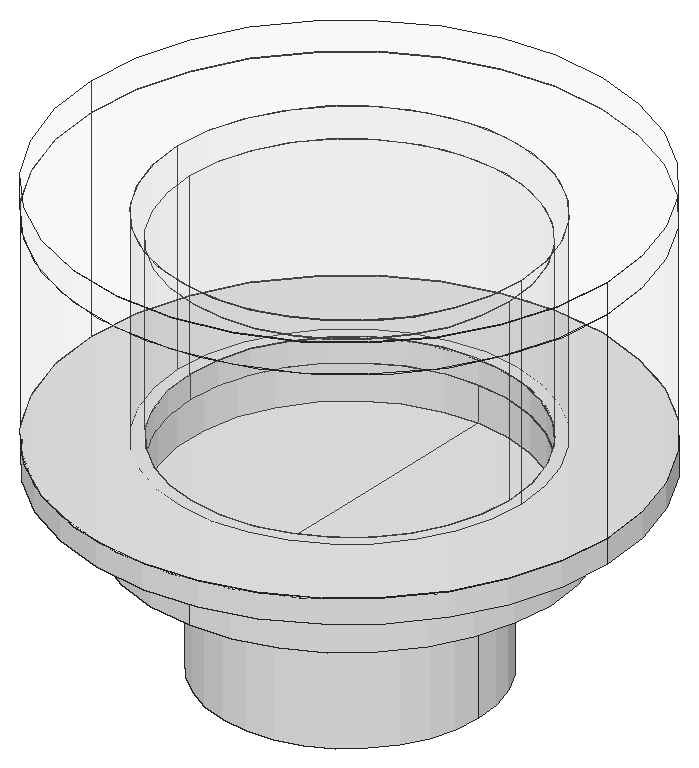
Revit family "Lighting_Fixture-Ceiling-Astro-Vancouver-Round", category Lighting Fixtures, host Face, Revit 2014
Parameters (values of type "5696 Vancouver 45 Round")
  Width = 45.00 mm
  Weight = "0.115kg"
  Wattage Comments = "2.3w"
  Wattage = 0.63955 W
  built-in parameter 1150110 = 1 (stored number, unit not read)
  Voltage = 230 V
  URL = "www.astrolighting.co.uk"
  Type Comments = "-35mm dia cut out size. -Requires a 700mA constant current driver, not included"
  built-in parameter 1114217 = 1 (stored number, unit not read)
  Tilt Angle = -90.00°
  built-in parameter 1150109 = 1 (stored number, unit not read)
  built-in parameter 1150134 = (empty or 0)
  built-in parameter 1150113 = 1 (stored number, unit not read)
  Support Height = 5.00 mm
  Suitable for bathroom zone = "Zone 2,3"
  Product Documentation = "http://www.astrolighting.co.uk/products/kw/Vancouver/5696_Vancouver-45-Round"
  Photometric Web File = "5696 VANCOUVER 45 LED.ies"
  Number of Poles = 1
  Mountable on normally flammable surfaces = "Yes"
  Mount Thickness = 2.00 mm
  Model = "5696 Vancouver 45 Round"
  Manufacturer = "Astro Lighting Ltd, CM20 2DP"
  built-in parameter 1150105 = 7.5599 (stored number, unit not read)
  Lumens = 95 lm
  Luminaire Lamp Efficiency Rating = "A+"
  built-in parameter 1150115 = 1 (stored number, unit not read)
  Light Source Elevation = Mount Thickness  # 2.00 mm
  built-in parameter 1150137 = (empty or 0)
  built-in parameter 1150139 = (empty or 0)
  Length = 45.00 mm
  built-in parameter 1150112 = 1 (stored number, unit not read)
  built-in parameter 1150114 = 1 (stored number, unit not read)
  Lamp included = "Yes"
  Lamp = "LED"
  built-in parameter 1150132 = 2
  built-in parameter 1150102 = (empty or 0)
  built-in parameter 1150107 = 3000 (stored number, unit not read)
  built-in parameter 1150138 = (empty or 0)
  built-in parameter 1150106 = 0.075599 (stored number, unit not read)
  IP Rating = "IP44"
  Height = 22.00 mm
  Heat Sink Radius = Width * 0.25  # 11.25 mm
  Energy Efficiency Rating = "A+"
  built-in parameter 1150104 = 13.8 (stored number, unit not read)
  Dimming Lamp Color Temperature Shift = <None>
  Dimmable = "If a suitable dimmable driver is used"
  Diffuser Square = no
  Diffuser Round = yes
  Diffuser Radius = Width / 2  # 22.50 mm
  Diffuser Internal Radius = Diffuser Internal Diameter / 2  # 14.00 mm
  Diffuser Internal Diameter = 28.00 mm
  Diffuser I R Outer = Diffuser Internal Radius + 2.00 mm  # 16.00 mm
  Diffuser I R Etched = Diffuser Internal Radius + 1.00 mm  # 15.00 mm
  Diffuser Bottom Thickness = 4.50 mm
  Description = "Downlight"
  Default Elevation = 1219.20 mm
  Cut Out Radius = Cut Out Diameter / 2  # 17.50 mm
  Cut Out Diameter = 35.00 mm
  Cut Out Depth = 16.00 mm
  Color Filter = 16777215
  Class = 3
  Casing Material = Astro - Steel - Chrome Finish
  built-in parameter 1114218 = 1 (stored number, unit not read)
  built-in parameter 1150133 = 10 (stored number, unit not read)
  Manufacturer Contact = "01279 427001"
  Assembly Code = "D5020200"
  Apparent Load = 4.13 VA
Types (3, lengths in mm): name | Width | Weight | Wattage Comments | Wattage | Type Comments | Support Height | Product Documentation | Photometric Web File | Mount Thickness | Model | built-in parameter 1150105 | Lumens | Light Source Elevation | Length | built-in parameter 1150106 | Height | Heat Sink Radius | Diffuser Radius | Diffuser Internal Radius | Diffuser Internal Diameter | Diffuser I R Outer | Diffuser I R Etched | Cut Out Radius | Cut Out Diameter | Cut Out Depth | Apparent Load
  (no name) | 45.00 | "0.115kg" | "2.3w" | 0.63955 W | "-35mm dia cut out size. -Requires a 700mA constant current driver, not included" | 5.00 | "http://www.astrolighting.co.uk/products/kw/Vancouver/5696_Vancouver-45-Round" | "5696 VANCOUVER 45 LED.ies" | 2.00 | "5696 Vancouver 45 Round" | 7.5599 (stored number, unit not read) | 95 lm | 2.00 | 45.00 | 0.075599 (stored number, unit not read) | 22.00 | 11.25 | 22.50 | 14.00 | 28.00 | 16.00 | 15.00 | 17.50 | 35.00 | 16.00 | 4.13 VA
  5696 Vancouver 45 Round | 45.00 | "0.115kg" | "2.3w" | 0.63955 W | "-35mm dia cut out size. -Requires a 700mA constant current driver, not included" | 5.00 | "http://www.astrolighting.co.uk/products/kw/Vancouver/5696_Vancouver-45-Round" | "5696 VANCOUVER 45 LED.ies" | 2.00 | "5696 Vancouver 45 Round" | 7.5599 (stored number, unit not read) | 95 lm | 2.00 | 45.00 | 0.075599 (stored number, unit not read) | 22.00 | 11.25 | 22.50 | 14.00 | 28.00 | 16.00 | 15.00 | 17.50 | 35.00 | 16.00 | 4.13 VA
  5697 Vancouver 90 Round | 90.00 | "0.445kg" | "9.8w" | 3.37952 W | "-76mm dia cut out size. -Requires a 350mA constant current driver, not included" | 19.50 | "http://www.astrolighting.co.uk/products/kw/Vancouver/5697_Vancouver-90-Round" | "5697 VANCOUVER 90 LED.ies" | 4.00 | "5697 Vancouver 90 Round" | 39.948 (stored number, unit not read) | 502 lm | 4.00 | 90.00 | 0.39948 (stored number, unit not read) | 34.00 | 22.50 | 45.00 | 33.00 | 66.00 | 35.00 | 34.00 | 38.00 | 76.00 | 32.00 | 11.87 VA
Reference planes
  plane 1 "Center (Front/Back)": y = 0
  plane 2: z = 0
  plane 3 "Center (Left/Right)": x = 0
  plane 4 "Light Source Elevation": z = 2
  plane 5 "Left": x = -22.5
  plane 6 "Right": x = 22.5
  plane 7 "Front": y = 22.5
  plane 8 "Back": y = -22.5
  plane 9 "Bottom": z = 22
  plane 10 "Top": z = -16
  plane 11 "Diffuser Top": z = 2
  plane 12: z = -2
  plane 13 "Diffuser Internal": z = 17.5
Forms (mm)
  Extrusion 1, void
    sketch origin (0, 0, 0) x (0, 1, 0) y (1, 0, 0)
      loop
        circle (0, 0) r 17.5
    from 0 to 16
  Extrusion 2, void
    sketch origin (0, 0, 0) x (0, 1, 0) y (1, 0, 0)
      loop
        line (-22.5, -22.5) -> (22.5, -22.5) -> (22.5, 22.5) -> (-22.5, 22.5) -> (-22.5, -22.5)
    from 2 to 16
  Extrusion 3, solid, material "Astro - Acrylic - Clear", visible <- "Diffuser Round"
    sketch origin (0, 0, 0) x (1, 0, 0) y (0, 1, 0)
      loop
        circle (0, 0) r 22.5
      loop
        circle (0, 0) r 15
    from 2 to 22
  Extrusion 4, solid, material "Astro - Acrylic - Clear", visible <- "Diffuser Round"
    sketch origin (0, 0, 0) x (1, 0, 0) y (0, 1, 0)
      loop
        circle (0, 0) r 22.5
    from 19.5 to 22
  Extrusion 5, solid, material "Astro - Steel - Chrome Finish" <- "Casing Material", visible <- "Diffuser Round"
    sketch origin (0, 0, 0) x (1, 0, 0) y (0, 1, 0)
      loop
        circle (0, 0) r 22.5
      loop
        circle (0, 0) r 14
    from 0 to 2
  Revolve 6, solid, material "Astro - Steel - Chrome Finish" <- "Casing Material"
    sketch origin (0, 0, 0) x (0, 1, 0) y (0, 0, 1)
      loop
        line (17.5, 0) -> (14, 0) -> (14, -3) -> (0, -3) -> (0, -5) -> (17.5, -5) -> (17.5, 0)
      axis (0, -5) -> (0, 0)
    angle from 0 to 360
  Extrusion 7, solid, material "Astro - Acrylic - Frosted"
    sketch origin (0, 0, 0) x (1, 0, 0) y (0, 1, 0)
      loop
        circle (0, 0) r 15
      loop
        circle (0, 0) r 14
    from 2 to 19.5
  Extrusion 8, solid, material "Astro - Acrylic - Frosted"
    sketch origin (0, 0, 0) x (1, 0, 0) y (0, 1, 0)
      loop
        circle (0, 0) r 15
    from 17.5 to 19.5
  Extrusion 9, solid, material "Astro - Steel - Chrome Finish" <- "Casing Material", detail levels fine
    sketch origin (0, 0, 0) x (1, 0, 0) y (0, 1, 0)
      loop
        circle (0, 0) r 11.25
    from -16 to -5
Cuts and joins
  joined: Extrusion 3, Extrusion 4
  joined: Extrusion 7, Extrusion 8
Dimensions and locks
  "Light Source Elevation": plane 4 "Light Source Elevation" to plane 2
  equal spacing: plane 5 "Left", plane 3 "Center (Left/Right)", plane 6 "Right"
  "Length": plane 5 "Left" to plane 6 "Right"
  equal spacing: plane 7 "Front", plane 1 "Center (Front/Back)", plane 8 "Back"
  "Width": plane 7 "Front" to plane 8 "Back"
  "Height": plane 9 "Bottom" to plane 2
  "Mount Thickness": plane 11 "Diffuser Top" to plane 2
  locked: plane 2 to plane 12 at 2
  "Diffuser Bottom Thickness": plane 9 "Bottom" to plane 13 "Diffuser Internal"
  "Cut Out Radius": Revolve 6 sketch curve to Revolve 6 sketch curve
  "Diffuser Internal Radius": Revolve 6 sketch curve to Revolve 6 sketch curve
  locked: plane 13 "Diffuser Internal" to cut or joined group of Extrusion 3, Extrusion 4 at 2
  "Cut Out Depth": plane 2 to plane 10 "Top"
  "Support Height": Revolve 6 sketch curve to plane 2
  locked: Revolve 6 sketch curve to Revolve 6 sketch curve at 2
  "Cut Out Radius": radius of Extrusion 1 sketch curve
  "Diffuser I R Etched": radius of Extrusion 3 sketch curve
  "Diffuser Radius": radius of Extrusion 3 sketch curve
  "Diffuser Radius": radius of Extrusion 4 sketch curve
  "Diffuser Internal Radius": radius of Extrusion 7 sketch curve
  "Diffuser I R Etched": radius of Extrusion 7 sketch curve
  "Diffuser I R Etched": radius of Extrusion 8 sketch curve
  "Diffuser Radius": radius of Extrusion 5 sketch curve
  "Diffuser Internal Radius": radius of Extrusion 5 sketch curve
  "Heat Sink Radius": radius of Extrusion 9 sketch curve
  aligned and locked: plane 2 to host face
  aligned and locked: level to host face
  aligned and locked: plane 3 "Center (Left/Right)" to imposter light
  aligned and locked: imposter light to plane 4 "Light Source Elevation"
  aligned and locked: plane 3 "Center (Left/Right)" to Extrusion 1 sketch curve
  aligned and locked: plane 1 "Center (Front/Back)" to Extrusion 1 sketch curve
  aligned and locked: Extrusion 1 to plane 10 "Top"
  aligned and locked: plane 8 "Back" to Extrusion 2 sketch curve
  aligned and locked: plane 5 "Left" to Extrusion 2 sketch curve
  aligned and locked: Extrusion 2 sketch curve to plane 7 "Front"
  aligned and locked: Extrusion 2 sketch curve to plane 6 "Right"
  aligned and locked: Extrusion 2 to plane 10 "Top"
  aligned and locked: plane 1 "Center (Front/Back)" to Extrusion 3 sketch curve  (x2)
  aligned and locked: plane 3 "Center (Left/Right)" to Extrusion 3 sketch curve  (x2)
  aligned and locked: Extrusion 3 to plane 11 "Diffuser Top"
  aligned and locked: plane 9 "Bottom" to Extrusion 3
  aligned and locked: plane 3 "Center (Left/Right)" to Extrusion 4 sketch curve
  aligned and locked: plane 1 "Center (Front/Back)" to Extrusion 4 sketch curve
  aligned and locked: plane 9 "Bottom" to Extrusion 4
  aligned and locked: plane 3 "Center (Left/Right)" to Extrusion 5 sketch curve  (x2)
  aligned and locked: plane 1 "Center (Front/Back)" to Extrusion 5 sketch curve  (x2)
  aligned and locked: Extrusion 5 to plane 2
  aligned and locked: plane 11 "Diffuser Top" to Extrusion 5
  aligned and locked: imposter light to Revolve 6 sketch curve
  aligned and locked: plane 2 to Revolve 6 sketch curve
  aligned and locked: plane 3 "Center (Left/Right)" to Extrusion 7 sketch curve  (x2)
  aligned and locked: plane 1 "Center (Front/Back)" to Extrusion 7 sketch curve  (x2)
  aligned and locked: Extrusion 7 to cut or joined group of Extrusion 3, Extrusion 4
  aligned and locked: plane 3 "Center (Left/Right)" to Extrusion 8 sketch curve
  aligned and locked: plane 1 "Center (Front/Back)" to Extrusion 8 sketch curve
  aligned and locked: Extrusion 8 to plane 13 "Diffuser Internal"
  aligned and locked: Extrusion 8 to cut or joined group of Extrusion 3, Extrusion 4
  aligned and locked: Extrusion 7 to plane 4 "Light Source Elevation"
  aligned and locked: plane 3 "Center (Left/Right)" to Extrusion 9 sketch curve
  aligned and locked: plane 1 "Center (Front/Back)" to Extrusion 9 sketch curve
  aligned and locked: Extrusion 9 to plane 10 "Top"
  aligned and locked: plane 12 to Extrusion 2
  aligned and locked: Revolve 6 to Extrusion 9
Automatic sketch dimensions
  host sketch curve to host sketch curve = 149.558 mm
  host sketch curve to host sketch curve = 150.211 mm
  Revolve 6 sketch curve to plane 1 "Center (Front/Back)" = 0.00 mm
  Revolve 6 sketch curve to plane 10 "Top" = 12.243 mm
  Revolve 6 sketch curve to plane 13 "Diffuser Internal" = 7.315 mm
Connectors
  electrical at (0, 0, -16), driven by "Number of Poles", driven by "Voltage", driven by "Apparent Load"
    settings: on Extrusion 9, index 1, voltage 230 V, apparent load 0 VA, apparent load phase1 4.13 VA, apparent load phase2 0 VA, apparent load phase3 0 VA, power factor 1, load classification "Other", number of poles 1, system type 31, power factor state 1, is connector primary yes, connector utility no, sub classification motor no, connector description ""
